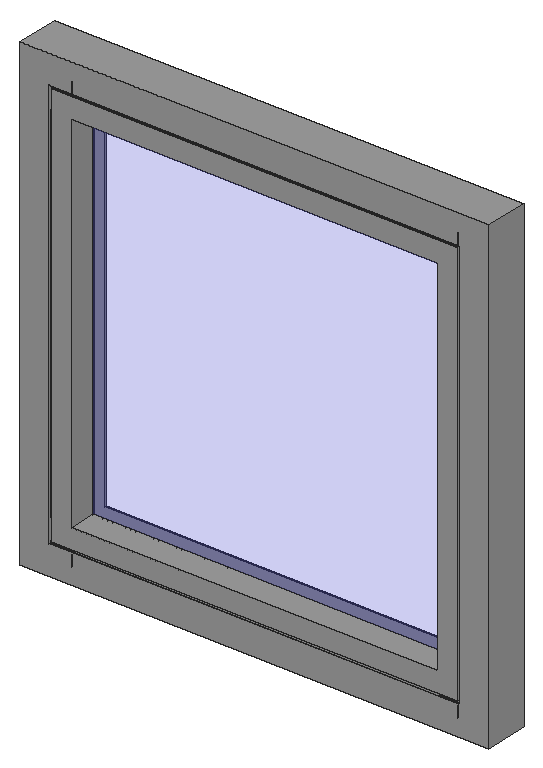
Revit family "3375 OP001_v02", category Windows, host Wall, Revit 2015
Parameters
  Wall Thickness [instance] = 0' - 6"
  URL = "obe.com"
  Rough Width = Width + 0' 0 1/2"  # 3' - 0 1/2"
  Rough Height = Height + 0' 0 1/2"  # 3' - 0 1/2"
  Offset Limitation [instance] = if((Offset + 0' 3 11/16") > Wall Thickness, (Wall Thickness - 0' 3 3/8"), Offset)  # 0' - 0"
  Offset [instance] = 0' - 0"
  Model = "3375 OP001"
  Manufacturer = "Oldcastle BuildingEnvelope®"
  Keynote = "08 51 00"
  Height = 3' - 0"
  Glass Material = Glass
  Gasket Material = Gasket
  Frame Material = Aluminum
  Description = "SIGNATURE SERIES 3375"
  Default Sill Height = 3' - 0"
  Wall Closure = By host
  Width = 3' - 0"
  Assembly Code = "B2020"
Reference planes (in)
  plane 1 "Center (Front/Back)": y = 0
  plane 2: z = 0
  plane 3 "Center (Left/Right)": x = 0
  plane 4 "Left": x = -18.25
  plane 5 "Right": x = 18.25
  plane 6 "Sill": z = 36
  plane 7 "Top": z = 72.5
  plane 8: x = 18
  plane 9: x = -18
  plane 10: z = 72.25
  plane 11: z = 36.25
  plane 12 "Offset": y = 3
  plane 13: z = 39.17769
  plane 14: z = 69.32231
  plane 15 "EXT": y = 2.84
Forms (in)
  Sweep 1, solid, material "Aluminum" <- "Frame Material"
    path origin (0, 3, 0) x (1, 0, 0) y (0, 0, 1)
      loop
        line (-18, 36) -> (-18, 72.5)
    profile origin (-18, 3, 54.25) x (-1, 0, 0) y (0, -1, 0)
      loop
        line (-2, 3.375) -> (-2, 3.305) -> (-1, 3.305) -> (-1, 0) -> (0.25, 0) -> (0.25, 3.375) -> (-2, 3.375)
  Sweep 2, solid, material "Aluminum" <- "Frame Material"
    path origin (0, 3, 0) x (1, 0, 0) y (0, 0, 1)
      loop
        line (18, 36) -> (18, 72.5)
    profile origin (18, 3, 54.25) x (-1, 0, 0) y (0, -1, 0)
      loop
        line (-0.25, 3.375) -> (-0.25, 0) -> (1, 0) -> (1, 3.305) -> (2, 3.305) -> (2, 3.375) -> (-0.25, 3.375)
  Sweep 3, solid, material "Aluminum" <- "Frame Material"
    path origin (0, 3, 0) x (1, 0, 0) y (0, 0, 1)
      loop
        line (-18.25, 36.25) -> (18.25, 36.25)
    profile origin (0, 3, 36.25) x (0, 0, 1) y (0, -1, 0)
      loop
        line (-0.25, 3.375) -> (-0.25, 0) -> (1, 0) -> (1, 3.305) -> (2, 3.305) -> (2, 3.375) -> (-0.25, 3.375)
  Sweep 4, solid, material "Aluminum" <- "Frame Material"
    path origin (0, 3, 0) x (1, 0, 0) y (0, 0, 1)
      loop
        line (18.25, 72.25) -> (-18.25, 72.25)
    profile origin (0, 3, 72.25) x (0, 0, -1) y (0, -1, 0)
      loop
        line (-0.25, 3.375) -> (-0.25, 0) -> (0.99869, 0) -> (0.99869, 3.30485) -> (2, 3.30485) -> (2, 3.375) -> (-0.25, 3.375)
  Extrusion 5, solid, material "Glass" <- "Glass Material"
    sketch origin (0, 0, 36) x (0, -1, 0) y (1, 0, 0)
      loop
        line (-2.84, -15.07231) -> (-1.84, -15.07231) -> (-1.84, 15.07231) -> (-2.84, 15.07231) -> (-2.84, -15.07231)
    from 3.17769 to 33.32231
  Sweep 6, solid, material "Gasket" <- "Gasket Material", detail levels fine
    path origin (0, 3, 0) x (1, 0, 0) y (0, 0, 1)
      loop
        line (18, 72.25) -> (-18, 72.25) -> (-18, 36.25) -> (18, 36.25) -> (18, 72.25)
    profile origin (0, 3, 72.25) x (0, 0, -1) y (0, -1, 0)
      loop
        line (3.51276, 1.16) -> (3.6381, 1.16)
        arc (3.6381, 1.16) -> (3.68902, 1.22251) -> (3.63811, 1.28504) r 0.06384
        line (3.63811, 1.28504) -> (3.51276, 1.28504)
        arc (3.51276, 1.28504) -> (3.4645, 1.22252) -> (3.51276, 1.16) r 0.06463
  Sweep 7, solid, material "Aluminum" <- "Frame Material"
    path origin (0, 3, 0) x (1, 0, 0) y (0, 0, 1)
      loop
        line (17.241, 72.25) -> (-17.241, 72.25)
    profile origin (0, 3, 72.25) x (0, 0, -1) y (0, -1, 0)
      loop
        line (0.759, -0.33) -> (2.55269, -0.33) -> (2.55269, 0) -> (3.74954, 0) -> (3.74954, 0.16) -> (2.92769, 0.16) -> (2.92769, 1.28504) -> (3.74954, 1.28504) -> (3.74954, 3.375) -> (2.18688, 3.375) -> (2.18688, 3.21497) -> (1.46757, 3.21497) -> (1.46757, -0.26503) -> (0.759, -0.26503) -> (0.759, -0.33)
  Sweep 8, solid, material "Aluminum" <- "Frame Material"
    path origin (0, 3, 0) x (1, 0, 0) y (0, 0, 1)
      loop
        line (17.241, 36.25) -> (-17.241, 36.25)
    profile origin (0, 3, 36.25) x (0, 0, -1) y (0, -1, 0)
      loop
        line (-0.759, -0.33) -> (-0.759, 0) -> (-1.46766, 0) -> (-1.46766, 3.215) -> (-2.18704, 3.215) -> (-2.18704, 3.375) -> (-3.74954, 3.375) -> (-3.74954, 1.28504) -> (-2.92769, 1.28504) -> (-2.92769, 0.16) -> (-3.74954, 0.16) -> (-3.74954, 0) -> (-2.55269, 0) -> (-2.55269, -0.33) -> (-0.759, -0.33)
  Sweep 9, solid, material "Aluminum" <- "Frame Material"
    path origin (0, 3, 0) x (1, 0, 0) y (0, 0, 1)
      loop
        line (18, 71.491) -> (18, 37.009)
    profile origin (18, 3, 54.25) x (0, -1, 0) y (1, 0, 0)
      loop
        line (3.375, -2.18704) -> (3.215, -2.18704) -> (3.215, -1.46766) -> (0, -1.46766) -> (0, -0.759) -> (-0.33, -0.759) -> (-0.33, -2.55269) -> (0, -2.55269) -> (0, -3.74954) -> (0.16, -3.74954) -> (0.16, -2.92769) -> (1.28504, -2.92769) -> (1.28504, -3.74954) -> (3.375, -3.74954) -> (3.375, -2.18704)
  Sweep 10, solid, material "Aluminum" <- "Frame Material"
    path origin (0, 3, 0) x (1, 0, 0) y (0, 0, 1)
      loop
        line (-18, 71.491) -> (-18, 37.009)
    profile origin (-18, 3, 54.25) x (0, -1, 0) y (1, 0, 0)
      loop
        line (1.28504, 3.74954) -> (1.28504, 2.92769) -> (0.16, 2.92769) -> (0.16, 3.74954) -> (0, 3.74954) -> (0, 2.55269) -> (-0.33, 2.55269) -> (-0.33, 0.759) -> (0, 0.759) -> (0, 1.46766) -> (3.215, 1.46766) -> (3.215, 2.18704) -> (3.375, 2.18704) -> (3.375, 3.74954) -> (1.28504, 3.74954)
  Sweep 11, void
    path origin (0, 3, 0) x (1, 0, 0) y (0, 0, 1)
      loop
        line (-16, 72.25) -> (16, 72.25)
    profile origin (0, 3, 72.25) x (0, 0, 1) y (0, -1, 0)
      loop
        line (-2, 3.375) -> (-2.18688, 3.375) -> (-2.18688, 3.21497) -> (-2, 3.21497) -> (-2, 3.375)
  Sweep 12, void
    path origin (0, 3, 0) x (1, 0, 0) y (0, 0, 1)
      loop
        line (-16, 36.25) -> (16, 36.25)
    profile origin (0, 3, 36.25) x (0, 0, 1) y (0, -1, 0)
      loop
        line (2.18704, 3.21497) -> (2.18704, 3.375) -> (2, 3.375) -> (2, 3.21497) -> (2.18704, 3.21497)
  Sweep 13, void
    path origin (0, 3, 0) x (1, 0, 0) y (0, 0, 1)
      loop
        line (-18, 38.25) -> (-18, 70.25)
    profile origin (-18, 3, 54.25) x (-1, 0, 0) y (0, -1, 0)
      loop
        line (-2, 3.375) -> (-2.18704, 3.375) -> (-2.18704, 3.21497) -> (-2, 3.21497) -> (-2, 3.375)
  Sweep 14, void
    path origin (0, 3, 0) x (1, 0, 0) y (0, 0, 1)
      loop
        line (18, 70.06312) -> (18, 38.43704)
    profile origin (18, 3, 54.25008) x (0, -1, 0) y (1, 0, 0)
      loop
        line (3.375, -2.18704) -> (3.375, -2) -> (3.21497, -2) -> (3.21497, -2.18704) -> (3.375, -2.18704)
Cuts and joins
  Sweep 11, Sweep 12, Sweep 13, Sweep 14 cuts Sweep 1
  Sweep 11, Sweep 12, Sweep 13, Sweep 14 cuts Sweep 2
  Sweep 11, Sweep 12, Sweep 13, Sweep 14 cuts Sweep 3
  Sweep 11, Sweep 12, Sweep 13, Sweep 14 cuts Sweep 4
  Sweep 11, Sweep 12, Sweep 13, Sweep 14 cuts Sweep 7
  Sweep 11, Sweep 12, Sweep 13, Sweep 14 cuts Sweep 8
  Sweep 11, Sweep 12, Sweep 13, Sweep 14 cuts Sweep 9
  Sweep 11, Sweep 12, Sweep 13, Sweep 14 cuts Sweep 10
  joined: Sweep 1, Sweep 2, Sweep 3, Sweep 4, Sweep 7, Sweep 8, Sweep 9, Sweep 10
Lines and regions (in)
  Opening 1
    outline origin (-60, -3, 0) x (1, 0, 0) y (0, 0, 1)
      loop
        line (41.75, 72.5) -> (41.75, 36) -> (78.25, 36) -> (78.25, 72.5) -> (41.75, 72.5)
  model lines, style "Opening Direction"
    curve 1: line (0, 2.84, 68.50046) -> (14.25046, 2.84, 39.99954)
    curve 2: line (-14.25046, 2.84, 39.99954) -> (0, 2.84, 68.50046)
Text (in)
  text "EXTERIOR" at (-58.6888, 50.90694, 0), in view "Ref. Level"
  text "INTERIOR" at (-58.6888, -37.76638, 0), in view "Ref. Level"
  text "Exterior" at (0, 43.65631, 123.19604), in view "Left"
  text "Exterior" at (0, 18.29385, 125.04747), in view "Right"
  text "Min Operable Size\n\n20\" width x 22\" height\n\n\n\nMax Operable Size\n\n48\" x 72\"\n\n\n\n\n\nOperable Width must be less than or equal to height" at (125.72791, 72.95779, 0), in view "Ref. Level"
Dimensions and locks (in)
  equal spacing: plane 4 "Left", plane 3 "Center (Left/Right)", plane 5 "Right"
  "Rough Height": plane 6 "Sill" to plane 7 "Top"
  "Default Sill Height": plane 2 to plane 6 "Sill"
  locked: plane 6 "Sill" to plane 11 at 0.25
  locked: plane 8 to plane 5 "Right" at 0.25
  "Height": plane 11 to plane 10
  "Offset Limitation": plane 12 "Offset" to host wall
  "Wall Thickness": host wall to host wall
  "Width": plane 9 to plane 8
  "Rough Width": plane 4 "Left" to plane 5 "Right"
  Extrusion 5 sketch curve to Extrusion 5 sketch curve to plane 12 "Offset" = 0' - 1" locked, 0' - 0.16" locked
  locked: plane 14 to plane 10 at 2.92769
  locked: plane 11 to plane 13 at 2.92769
  locked: plane 15 "EXT" to plane 12 "Offset" at 0.16
  aligned and locked: plane 7 "Top" to Opening 1 sketch curve
  aligned and locked: plane 6 "Sill" to Opening 1 sketch curve  (x2)
  aligned and locked: plane 5 "Right" to Opening 1 sketch curve
  aligned and locked: plane 4 "Left" to Opening 1 sketch curve
  aligned and locked: level to plane 2
  aligned and locked: nested 1 to plane 11
  aligned and locked: nested 2 to plane 11
  aligned and locked: Extrusion 5 to plane 14
  aligned and locked: plane 13 to Extrusion 5
  aligned and locked: plane 3 "Center (Left/Right)" to nested 1
  aligned and locked: plane 12 "Offset" to nested 1
  aligned and locked: plane 3 "Center (Left/Right)" to nested 2
  aligned and locked: plane 12 "Offset" to nested 2
  aligned and locked: plane 10 to Sweep 7 sketch curve
  aligned and locked: plane 11 to Sweep 8 sketch curve
  aligned and locked: Sweep 9 sketch curve to plane 8
  aligned and locked: Sweep 10 sketch curve to plane 9
  aligned and locked: plane 10 to Sweep 11 sketch curve
  aligned and locked: plane 11 to Sweep 12 sketch curve
  aligned and locked: Sweep 13 sketch curve to plane 9
  aligned and locked: plane 8 to Sweep 14 sketch curve
  aligned and locked: plane 3 "Center (Left/Right)" to curve 1
Automatic sketch dimensions
  Sweep 1 sketch curve to plane 7 "Top" = 0' - 0"
  plane 9 to Sweep 1 sketch curve = 0' - 0"
  Sweep 1 sketch curve to plane 6 "Sill" = 0' - 0"
  Sweep 1 sketch curve to profile plane = 0' - 0 1/4"
  Sweep 2 sketch curve to plane 7 "Top" = 0' - 0"
  plane 8 to Sweep 2 sketch curve = 0' - 0"
  Sweep 2 sketch curve to plane 6 "Sill" = 0' - 0"
  plane 12 "Offset" to Sweep 2 sketch curve = 0' - 0"
  plane 4 "Left" to Sweep 3 sketch curve = 0' - 0"
  plane 5 "Right" to Sweep 3 sketch curve = 0' - 0"
  Sweep 3 sketch curve to plane 11 = 0' - 0"
  profile plane to Sweep 3 sketch curve = 0' - 0 1/4"
  plane 4 "Left" to Sweep 4 sketch curve = 0' - 0"
  plane 5 "Right" to Sweep 4 sketch curve = 0' - 0"
  Sweep 4 sketch curve to plane 10 = 0' - 0"
  Extrusion 5 sketch curve to plane 9 = 0' - 2.92769"
  plane 8 to Extrusion 5 sketch curve = 0' - 2.92769"
  plane 9 to Sweep 6 sketch curve = 0' - 0"
  plane 8 to Sweep 6 sketch curve = 0' - 0"
  Sweep 6 sketch curve to plane 11 = 0' - 0"
  Sweep 6 sketch curve to plane 10 = 0' - 0"
  plane 12 "Offset" to Sweep 6 sketch curve = 0' - 1.28504"
  Sweep 6 sketch curve to profile plane = 0' - 3.51276"
  Sweep 6 sketch curve to Sweep 6 sketch curve = 0' - 0.01637"  (x2)
  Sweep 6 sketch curve to Sweep 6 sketch curve = 0' - 0.09604"
  Sweep 6 sketch curve to Sweep 6 sketch curve = 0' - 0.01294"
  Sweep 6 sketch curve to Sweep 6 sketch curve = 0' - 0 1/16"
  Sweep 6 sketch curve to Sweep 6 sketch curve = 0' - 0.01292"
  plane 12 "Offset" to Sweep 4 sketch curve = 0' - 0"
  profile plane to Sweep 4 sketch curve = 0' - 0 1/4"
  Sweep 4 sketch curve to Sweep 4 sketch curve = 0' - 3 3/8"
  Sweep 4 sketch curve to profile plane = 0' - 0.99869"
  Sweep 4 sketch curve to Sweep 4 sketch curve = 0' - 1.00131"
  Sweep 4 sketch curve to Sweep 4 sketch curve = 0' - 0.07016"
  Sweep 3 sketch curve to profile plane = 0' - 1"
  Sweep 3 sketch curve to Sweep 3 sketch curve = 0' - 1"
  plane 12 "Offset" to Sweep 3 sketch curve = 0' - 0"
  Sweep 3 sketch curve to Sweep 3 sketch curve = 0' - 3.305"
  Sweep 3 sketch curve to Sweep 3 sketch curve = 0' - 0.07"
  profile plane to Sweep 2 sketch curve = 0' - 0 1/4"
  Sweep 2 sketch curve to profile plane = 0' - 1"
  Sweep 2 sketch curve to Sweep 2 sketch curve = 0' - 1"
  Sweep 2 sketch curve to Sweep 2 sketch curve = 0' - 3.305"
  Sweep 2 sketch curve to Sweep 2 sketch curve = 0' - 0.07"
  plane 12 "Offset" to Sweep 1 sketch curve = 0' - 0"
  profile plane to Sweep 1 sketch curve = 0' - 1"
  Sweep 1 sketch curve to Sweep 1 sketch curve = 0' - 1"
  Sweep 1 sketch curve to Sweep 1 sketch curve = 0' - 3.305"
  Sweep 1 sketch curve to Sweep 1 sketch curve = 0' - 0.07"
  Sweep 7 sketch curve to plane 9 = 0' - 0.759"
  plane 8 to Sweep 7 sketch curve = 0' - 0.759"
  Sweep 7 sketch curve to plane 12 "Offset" = 0' - 0"
  Sweep 7 sketch curve to plane 12 "Offset" = 0' - 0.33"
  Sweep 7 sketch curve to profile plane = 0' - 0.759"
  Sweep 7 sketch curve to Sweep 7 sketch curve = 0' - 1.79369"
  Sweep 7 sketch curve to Sweep 7 sketch curve = 0' - 0 3/8"
  plane 12 "Offset" to Sweep 7 sketch curve = 0' - 0.16"
  Sweep 7 sketch curve to Sweep 7 sketch curve = 0' - 0.82185"
  Sweep 7 sketch curve to Sweep 7 sketch curve = 0' - 1.56266"
  Sweep 7 sketch curve to Sweep 7 sketch curve = 0' - 1.12504"
  Sweep 7 sketch curve to Sweep 7 sketch curve = 0' - 1.92993"
  Sweep 7 sketch curve to Sweep 7 sketch curve = 0' - 0.16003"
  Sweep 7 sketch curve to Sweep 7 sketch curve = 0' - 0.70857"
  Sweep 7 sketch curve to Sweep 7 sketch curve = 0' - 0.71931"
  Sweep 7 sketch curve to plane 12 "Offset" = 0' - 0.26503"
  Sweep 8 sketch curve to plane 9 = 0' - 0.759"
  plane 8 to Sweep 8 sketch curve = 0' - 0.759"
  Sweep 8 sketch curve to plane 12 "Offset" = 0' - 0.33"
  profile plane to Sweep 8 sketch curve = 0' - 0.759"
  Sweep 8 sketch curve to Sweep 8 sketch curve = 0' - 1.79369"
  plane 12 "Offset" to Sweep 8 sketch curve = 0' - 0"
  plane 12 "Offset" to Sweep 8 sketch curve = 0' - 0.16"
  Sweep 8 sketch curve to Sweep 8 sketch curve = 0' - 0 3/8"
  Sweep 8 sketch curve to Sweep 8 sketch curve = 0' - 1.12504"
  Sweep 8 sketch curve to Sweep 8 sketch curve = 0' - 2.08996"
  Sweep 8 sketch curve to Sweep 8 sketch curve = 0' - 0"
  Sweep 8 sketch curve to Sweep 8 sketch curve = 0' - 0.82185"
  Sweep 8 sketch curve to Sweep 8 sketch curve = 0' - 0.71938"
  Sweep 8 sketch curve to Sweep 8 sketch curve = 0' - 1.08503"
  Sweep 8 sketch curve to Sweep 8 sketch curve = 0' - 0.16"
  Sweep 8 sketch curve to plane 12 "Offset" = 0' - 0"
  Sweep 9 sketch curve to plane 11 = 0' - 0.759"
  plane 10 to Sweep 9 sketch curve = 0' - 0.759"
  plane 12 "Offset" to Sweep 9 sketch curve = 0' - 1.28504"
  Sweep 9 sketch curve to Sweep 9 sketch curve = 0' - 0.82185"
  Sweep 9 sketch curve to Sweep 9 sketch curve = 0' - 0"
  plane 12 "Offset" to Sweep 9 sketch curve = 0' - 0"  (x2)
  Sweep 9 sketch curve to Sweep 9 sketch curve = 0' - 0.16"  (x2)
  Sweep 9 sketch curve to plane 12 "Offset" = 0' - 0.33"
  Sweep 9 sketch curve to Sweep 9 sketch curve = 0' - 0 3/8"
  Sweep 9 sketch curve to Sweep 9 sketch curve = 0' - 3.215"
  Sweep 9 sketch curve to Sweep 9 sketch curve = 0' - 1.08503"
  profile plane to Sweep 9 sketch curve = 0' - 0.759"
  profile plane to Sweep 9 sketch curve = 0' - 1.46766"
  Sweep 9 sketch curve to Sweep 9 sketch curve = 0' - 1 9/16"
  Sweep 10 sketch curve to plane 11 = 0' - 0.759"
  plane 10 to Sweep 10 sketch curve = 0' - 0.759"
  Sweep 10 sketch curve to profile plane = 0' - 2.18704"
  plane 12 "Offset" to Sweep 10 sketch curve = 0' - 1.28504"
  Sweep 10 sketch curve to profile plane = 0' - 0.759"
  Sweep 10 sketch curve to Sweep 10 sketch curve = 0' - 3.215"
  Sweep 10 sketch curve to plane 12 "Offset" = 0' - 0.33"
  Sweep 10 sketch curve to Sweep 10 sketch curve = 0' - 0.70866"
  Sweep 10 sketch curve to Sweep 10 sketch curve = 0' - 1 9/16"
  plane 12 "Offset" to Sweep 10 sketch curve = 0' - 0.16"
  Sweep 10 sketch curve to Sweep 10 sketch curve = 0' - 0 3/8"
  Sweep 10 sketch curve to Sweep 10 sketch curve = 0' - 0.82185"  (x2)
  Sweep 10 sketch curve to Sweep 10 sketch curve = 0' - 0.16"
  plane 12 "Offset" to Sweep 10 sketch curve = 0' - 0"  (x2)
  Sweep 11 sketch curve to plane 9 = 0' - 2"
  plane 8 to Sweep 11 sketch curve = 0' - 2"
  profile plane to Sweep 11 sketch curve = 0' - 2.18688"
  Sweep 11 sketch curve to Sweep 11 sketch curve = 0' - 0.18689"
  plane 12 "Offset" to Sweep 11 sketch curve = 0' - 3.21497"
  Sweep 11 sketch curve to Sweep 11 sketch curve = 0' - 0.16003"
  Sweep 12 sketch curve to plane 9 = 0' - 2"
  plane 8 to Sweep 12 sketch curve = 0' - 2"
  Sweep 12 sketch curve to profile plane = 0' - 2"
  Sweep 12 sketch curve to Sweep 12 sketch curve = 0' - 0.18704"
  plane 12 "Offset" to Sweep 12 sketch curve = 0' - 3.21497"
  Sweep 12 sketch curve to Sweep 12 sketch curve = 0' - 0.16003"
  plane 13 to Sweep 13 sketch curve = 0' - 0.92769"
  plane 10 to Sweep 13 sketch curve = 0' - 2"
  profile plane to Sweep 13 sketch curve = 0' - 2.18704"
  Sweep 13 sketch curve to Sweep 13 sketch curve = 0' - 0.18704"
  plane 12 "Offset" to Sweep 13 sketch curve = 0' - 3.21497"
  Sweep 13 sketch curve to Sweep 13 sketch curve = 0' - 0.16003"
  Sweep 14 sketch curve to plane 11 = 0' - 2.18704"
  Sweep 14 sketch curve to plane 14 = 0' - 0.74081"
  plane 12 "Offset" to Sweep 14 sketch curve = 0' - 3.21497"
  Sweep 14 sketch curve to Sweep 14 sketch curve = 0' - 0.16003"
  profile plane to Sweep 14 sketch curve = 0' - 2.18704"
  Sweep 14 sketch curve to Sweep 14 sketch curve = 0' - 0.18704"
  curve 1 to plane 13 = 0' - 0.82185"
  curve 2 to plane 13 = 0' - 0.82185"
  curve 2 to plane 9 = 0' - 3.74954"
  plane 8 to curve 1 = 0' - 3.74954"
  plane 14 to curve 2 = 0' - 0.82185"
Nested families (in)
  nested 1: "S-3375 LAP-Plan View" at (0, 3, 0.25), Default Sill Height <- "Default Sill Height", Height <- "Height", Width <- "Width", type "S-3375 LAP-Plan View"
    with Width 3' - 0", Height 3' - 0", Default Sill Height 3' - 0"
  nested 2: "S-3375 LAP-Section Operable" at (0, 3, 0.25), Default Sill Height <- "Default Sill Height", Height <- "Height", Width <- "Width", type "S-3375 LAP-Section Operable"
    with Width 3' - 0", Height 3' - 0", Default Sill Height 3' - 0"
Definition of nested family "S-3375 LAP-Plan View"
  Parameters (values of type "S-3375 LAP-Plan View")
    Width [instance] = 3' - 0"
    Height [instance] = 3' - 0"
    Default Sill Height [instance] = 3' - 0"
    Analytic Construction = "<None>"
  Reference planes (in)
    plane 1 "Center (Front/Back)": y = 0
    plane 2: z = 0
    plane 3 "Center (Left/Right)": x = 0
    plane 4: z = 36
  Lines and regions (in)
    model lines, not visible
      curve 1: line (0, 0, 36) -> (0, 0, 72)
  Dimensions and locks (in)
    "Default Sill Height": plane 4 to plane 2
    "Height": curve 1 to plane 4
    aligned and locked: plane 2 to level
    aligned and locked: plane 4 to curve 1
    aligned and locked: plane 1 "Center (Front/Back)" to curve 1
    aligned and locked: plane 3 "Center (Left/Right)" to nested 1
    aligned and locked: plane 1 "Center (Front/Back)" to nested 1
  Nested families (in)
    nested 1: "S-3375 LAP-Plan View" at (-12, 0, 0), Width <- "Width", type "S-3375 LAP-Plan View"
      with Width 3' - 0"
  Definition of nested family "S-3375 LAP-Plan View"
    Parameters (values of type "S-3375 LAP-Plan View")
      Width [instance] = 2' - 0"
    Reference planes (in)
      plane 1 "Center (Front/Back)": y = 0
      plane 2: z = 0
      plane 3 "C": x = 0
      plane 4: x = 24
      plane 5: x = 21.07231
      plane 6: x = 2.92769
      plane 7 "Center (Left/Right)": x = 12
    Lines and regions (in)
      detail lines, in view "Ref. Level"
        curve 1: line (2.92769, -1.16, 0) -> (21.07231, -1.16, 0)
        curve 2: line (2.92769, -0.16, 0) -> (21.07231, -0.16, 0)
    Dimensions and locks (in)
      "Width": plane 3 "C" to plane 4
      locked: plane 3 "C" to plane 6 at 2.92769
      locked: plane 5 to plane 4 at 2.92769
      equal spacing: plane 3 "C", plane 7 "Center (Left/Right)", plane 4
      aligned and locked: nested 2 to plane 3 "C"
      aligned and locked: nested 1 to plane 4
      aligned and locked: nested 1 to plane 1 "Center (Front/Back)"
      aligned and locked: nested 2 to plane 1 "Center (Front/Back)"
      aligned and locked: plane 6 to curve 2
      aligned and locked: plane 6 to curve 1
      aligned and locked: plane 5 to curve 2
      aligned and locked: plane 5 to curve 1
    Automatic sketch dimensions
      plane 1 "Center (Front/Back)" to curve 2 = 0' - 0.16"
      curve 1 to curve 2 = 0' - 1"
    Nested families (in)
      nested 1: "S-3375 LAP-JAMB L" at (24, 0, 0) x (-1, 0, 0) z (0, 0, 1), type "S-3375 LAP-JAMB L", in view "Ref. Level"
      nested 2: "S-3375 LAP-JAMB R" at (0, 0, 0) x (-1, 0, 0) z (0, 0, 1), type "S-3375 LAP-JAMB R", in view "Ref. Level"
    Definition of nested family "S-3375 LAP-JAMB L"
      Reference planes (in)
        plane 1 "Center (Front/Back)": y = 0
        plane 2: z = 0
        plane 3 "Center (Left/Right)": x = 0
      Lines and regions (in)
        detail lines, in view "Ref. Level"
          curve 1: line (3.74954, 3.375, 0) -> (-0.25, 3.375, 0)
          curve 2: line (-0.25, 3.375, 0) -> (-0.25, 0, 0)
          curve 3: line (-0.25, 0, 0) -> (0.759, 0, 0)
          curve 4: line (0.759, 0, 0) -> (0.759, -0.33, 0)
          curve 5: line (0.759, -0.33, 0) -> (2.55269, -0.33, 0)
          curve 6: line (2.55269, -0.33, 0) -> (2.55269, 0, 0)
          curve 7: line (2.55269, 0, 0) -> (3.74954, 0, 0)
          curve 8: line (3.74954, 0, 0) -> (3.74954, 0.16, 0)
          curve 9: line (3.74954, 0.16, 0) -> (2.92769, 0.16, 0)
          curve 10: line (2.92769, 0.16, 0) -> (2.92769, 1.16, 0)
          curve 11: line (2.92769, 1.16, 0) -> (3.74954, 1.16, 0)
          curve 12: line (3.74954, 1.16, 0) -> (3.74954, 3.375, 0)
    Definition of nested family "S-3375 LAP-JAMB R"
      Reference planes (in)
        plane 1 "Center (Front/Back)": y = 0
        plane 2: z = 0
        plane 3 "Center (Left/Right)": x = 0
      Lines and regions (in)
        detail lines, in view "Ref. Level"
          curve 1: line (-3.74954, 3.375, 0) -> (0.25, 3.375, 0)
          curve 2: line (0.25, 3.375, 0) -> (0.25, 0, 0)
          curve 3: line (0.25, 0, 0) -> (-0.759, 0, 0)
          curve 4: line (-0.759, 0, 0) -> (-0.759, -0.33, 0)
          curve 5: line (-0.759, -0.33, 0) -> (-2.55269, -0.33, 0)
          curve 6: line (-2.55269, -0.33, 0) -> (-2.55269, 0, 0)
          curve 7: line (-2.55269, 0, 0) -> (-3.74954, 0, 0)
          curve 8: line (-3.74954, 0, 0) -> (-3.74954, 0.16, 0)
          curve 9: line (-3.74954, 0.16, 0) -> (-2.92769, 0.16, 0)
          curve 10: line (-2.92769, 0.16, 0) -> (-2.92769, 1.16, 0)
          curve 11: line (-2.92769, 1.16, 0) -> (-3.74954, 1.16, 0)
          curve 12: line (-3.74954, 1.16, 0) -> (-3.74954, 3.375, 0)
Definition of nested family "S-3375 LAP-Section Operable"
  Parameters (values of type "S-3375 LAP-Section Operable")
    Width [instance] = 3' - 0"
    Height [instance] = 3' - 0"
    Default Sill Height [instance] = 3' - 0"
    Analytic Construction = "<None>"
  Reference planes (in)
    plane 1 "Center (Front/Back)": y = 0
    plane 2: z = 0
    plane 3 "Center (Left/Right)": x = 0
    plane 4: z = 36
  Lines and regions (in)
    model lines, not visible
      curve 1: line (-18, 0, 0) -> (18, 0, 0)
  Dimensions and locks (in)
    equal spacing: curve 1, plane 3 "Center (Left/Right)", curve 1
    "Width": curve 1 to curve 1
    "Default Sill Height": plane 4 to plane 2
    aligned and locked: plane 2 to level
    aligned and locked: plane 1 "Center (Front/Back)" to curve 1
    aligned and locked: nested 1 to plane 4
    aligned and locked: plane 1 "Center (Front/Back)" to nested 1
  Nested families (in)
    nested 1: "S-3375 LAP-Section Operable" at (0, 0, 36) x (0, -1, 0) z (-1, 0, 0), Height <- "Height", type "S-3375 LAP-Section Operable"
      with Height 3' - 0"
  Definition of nested family "S-3375 LAP-Section Operable"
    Parameters (values of type "S-3375 LAP-Section Operable")
      Height [instance] = 3' - 0"
    Reference planes (in)
      plane 1 "Center (Front/Back)": y = 0
      plane 2: z = 0
      plane 3 "Center (Left/Right)": x = 0
      plane 4: y = 36
      plane 5: y = 33.07231
      plane 6: y = 2.92769
    Lines and regions (in)
      detail lines, in view "Ref. Level"
        curve 1: line (1.16, 2.92769, 0) -> (1.16, 33.07231, 0)
        curve 2: line (0.16, 2.92769, 0) -> (0.16, 33.07231, 0)
    Dimensions and locks (in)
      "Height": plane 1 "Center (Front/Back)" to plane 4
      locked: plane 6 to plane 1 "Center (Front/Back)" at 2.92769
      locked: plane 4 to plane 5 at 2.92769
      aligned and locked: plane 1 "Center (Front/Back)" to nested 2
      aligned and locked: nested 1 to plane 4
      aligned and locked: plane 3 "Center (Left/Right)" to nested 1
      aligned and locked: plane 3 "Center (Left/Right)" to nested 2
      aligned and locked: plane 6 to curve 1
      aligned and locked: plane 6 to curve 2
      aligned and locked: plane 5 to curve 1
      aligned and locked: plane 5 to curve 2
    Automatic sketch dimensions
      plane 3 "Center (Left/Right)" to curve 2 = 0' - 0.16"
      curve 2 to curve 1 = 0' - 1"
    Nested families (in)
      nested 1: "S-3375 LAP-HEAD" at (0, 36, 0), type "S-3375 LAP-HEAD", in view "Ref. Level"
      nested 2: "S-3375 LAP-SILL" at (0, 0, 0), type "S-3375 LAP-SILL", in view "Ref. Level"
    Definition of nested family "S-3375 LAP-HEAD"
      Reference planes (in)
        plane 1 "Center (Front/Back)": y = 0
        plane 2: z = 0
        plane 3 "Center (Left/Right)": x = 0
      Lines and regions (in)
        detail lines, in view "Ref. Level"
          curve 1: line (3.375, 0.25, 0) -> (0, 0.25, 0)
          curve 2: line (0, 0.25, 0) -> (0, -0.759, 0)
          curve 3: line (0, -0.759, 0) -> (-0.33, -0.759, 0)
          curve 4: line (-0.33, -0.759, 0) -> (-0.33, -2.55269, 0)
          curve 5: line (-0.33, -2.55269, 0) -> (0, -2.55269, 0)
          curve 6: line (0, -2.55269, 0) -> (0, -3.74954, 0)
          curve 7: line (0, -3.74954, 0) -> (0.16, -3.74954, 0)
          curve 8: line (0.16, -3.74954, 0) -> (0.16, -2.92769, 0)
          curve 9: line (0.16, -2.92769, 0) -> (1.16, -2.92769, 0)
          curve 10: line (1.16, -2.92769, 0) -> (1.16, -3.74954, 0)
          curve 11: line (1.16, -3.74954, 0) -> (3.375, -3.74954, 0)
          curve 12: line (3.375, -3.74954, 0) -> (3.375, 0.25, 0)
    Definition of nested family "S-3375 LAP-SILL"
      Reference planes (in)
        plane 1 "Center (Front/Back)": y = 0
        plane 2: z = 0
        plane 3 "Center (Left/Right)": x = 0
      Lines and regions (in)
        detail lines, in view "Ref. Level"
          curve 1: line (3.375, 3.74954, 0) -> (3.375, -0.25, 0)
          curve 2: line (3.375, -0.25, 0) -> (0, -0.25, 0)
          curve 3: line (0, -0.25, 0) -> (0, 0.759, 0)
          curve 4: line (0, 0.759, 0) -> (-0.33, 0.759, 0)
          curve 5: line (-0.33, 0.759, 0) -> (-0.33, 2.55269, 0)
          curve 6: line (-0.33, 2.55269, 0) -> (0, 2.55269, 0)
          curve 7: line (0, 2.55269, 0) -> (0, 3.74954, 0)
          curve 8: line (0, 3.74954, 0) -> (0.16, 3.74954, 0)
          curve 9: line (0.16, 3.74954, 0) -> (0.16, 2.92769, 0)
          curve 10: line (0.16, 2.92769, 0) -> (1.16, 2.92769, 0)
          curve 11: line (1.16, 2.92769, 0) -> (1.16, 3.74954, 0)
          curve 12: line (1.16, 3.74954, 0) -> (3.375, 3.74954, 0)
